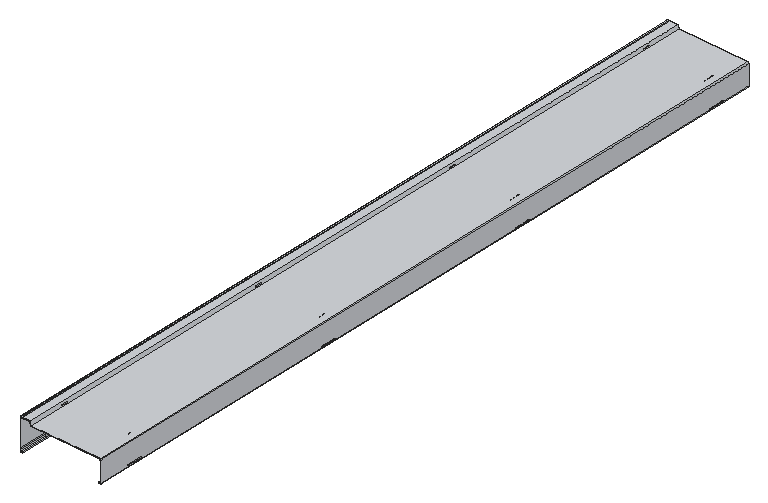
Revit family "ATBB200", category 一般モデル, Revit 2020
Family settings
  鉄筋をホスト可能 = いいえ
  丸型コネクタ寸法 = 直径を使用
  パーツ タイプ = 標準
  作業面ベース = いいえ
  常に垂直 = はい
  ロード時にボイドで切り取り = いいえ
  共有 = いいえ
  部屋計算ポイント = いいえ
Parameters
  笠木長さ [instance] = 2000 mm
  既定の高さ = 0 mm
  定尺笠木長さ = 4000 mm
  固定金具数 [instance] = 4
  判定 [instance] = if(笠木長さ > 4000 mm, 定尺笠木長さ, 笠木長さ)  # 2000 mm
Reference planes
  plane 1 "中心(正面/背面)": y = 0
  plane 2: z = 0
  plane 3 "中心(左/右)": x = 0
  plane 4: z = -43
  plane 5: x = -100
  plane 6: x = 100
  plane 7: y = -2000
  plane 8: y = -100
  plane 9: y = -1900
Forms (mm)
  Extrusion 1, solid
    sketch origin (-426, 0, -474.658) x (1, 0, 0) y (0, 0, 1)
      loop
        line (353.001, 499.632) -> (351, 509.781) -> (328.189, 511.492)
        arc (328.189, 511.492) -> (326.654, 510.981) -> (326, 509.501) r 2
        line (326, 509.501) -> (326, 432.158)
        arc (326, 432.158) -> (326.15, 431.801) -> (326.509, 431.658) r 0.5
        line (326.509, 431.658) -> (331.8, 431.658) -> (331.8, 433.458)
        arc (331.8, 433.458) -> (331.655, 433.81) -> (331.305, 433.958) r 0.5
        line (331.305, 433.958) -> (327.35, 433.958) -> (327.35, 438.933) -> (328, 442.735) -> (328, 507.345)
        arc (328, 507.345) -> (328.64, 508.811) -> (330.15, 509.34) r 2
        line (330.15, 509.34) -> (347.805, 508.015)
        arc (347.805, 508.015) -> (348.988, 507.519) -> (349.627, 506.407) r 2
        line (349.627, 506.407) -> (351.333, 497.752) -> (522.16, 484.941)
        arc (522.16, 484.941) -> (523.47, 484.303) -> (524, 482.947) r 2
        line (524, 482.947) -> (524, 444.45) -> (524.645, 440.985) -> (524.645, 433.958) -> (520.695, 433.958)
        arc (520.695, 433.958) -> (520.345, 433.81) -> (520.2, 433.458) r 0.5
        line (520.2, 433.458) -> (520.2, 431.658) -> (525.509, 431.658)
        arc (525.509, 431.658) -> (525.861, 431.812) -> (526, 432.171) r 0.5
        line (526, 432.171) -> (526, 484.831)
        arc (526, 484.831) -> (525.469, 486.161) -> (524.184, 486.795) r 2
        line (524.184, 486.795) -> (353.001, 499.632)
    from 0 to 2000
  Extrusion 2, solid, not visible
    sketch origin (0, 0, 0) x (1, 0, 0) y (0, 0, 1)
      loop
        line (353.001, 499.632) -> (351, 509.781) -> (328.189, 511.492)
        arc (328.189, 511.492) -> (326.654, 510.981) -> (326, 509.501) r 2
        line (326, 509.501) -> (326, 432.158)
        arc (326, 432.158) -> (326.15, 431.801) -> (326.509, 431.658) r 0.5
        line (326.509, 431.658) -> (331.8, 431.658) -> (331.8, 433.458)
        arc (331.8, 433.458) -> (331.655, 433.81) -> (331.305, 433.958) r 0.5
        line (331.305, 433.958) -> (327.35, 433.958) -> (327.35, 438.933) -> (328, 442.735) -> (328, 507.345)
        arc (328, 507.345) -> (328.64, 508.811) -> (330.15, 509.34) r 2
        line (330.15, 509.34) -> (347.805, 508.015)
        arc (347.805, 508.015) -> (348.988, 507.519) -> (349.627, 506.407) r 2
        line (349.627, 506.407) -> (351.333, 497.752) -> (522.16, 484.941)
        arc (522.16, 484.941) -> (523.47, 484.303) -> (524, 482.947) r 2
        line (524, 482.947) -> (524, 444.45) -> (524.645, 440.985) -> (524.645, 433.958) -> (520.695, 433.958)
        arc (520.695, 433.958) -> (520.345, 433.81) -> (520.2, 433.458) r 0.5
        line (520.2, 433.458) -> (520.2, 431.658) -> (525.509, 431.658)
        arc (525.509, 431.658) -> (525.861, 431.812) -> (526, 432.171) r 0.5
        line (526, 432.171) -> (526, 484.831)
        arc (526, 484.831) -> (525.469, 486.161) -> (524.184, 486.795) r 2
        line (524.184, 486.795) -> (353.001, 499.632)
    from 0 to 250
Dimensions and locks
  locked: plane 4 to plane 2 at 43
  plane 6 to plane 3 "中心(左/右)" = 100 mm
  locked: plane 5 to plane 3 "中心(左/右)" at 100
  plane 5 to plane 6 = 200 mm
  "笠木長さ": plane 7 to plane 1 "中心(正面/背面)"
  locked: plane 8 to plane 1 "中心(正面/背面)" at 100
  locked: plane 9 to plane 7 at 100
  locked: nested 1 to plane 1 "中心(正面/背面)" at 75
  equal spacing: group 2, group 4, group 5, group 3  (x2)
  equal spacing: group 3, group 5, group 4, group 2
  locked: nested 2 to plane 9 at 25
  "判定": Extrusion 1 to plane 1 "中心(正面/背面)"
  aligned and locked: level to plane 2
  aligned and locked: plane 5 to Extrusion 1
  aligned and locked: plane 4 to Extrusion 1
  aligned and locked: plane 7 to Extrusion 1
Automatic sketch dimensions
  plane 5 to Extrusion 1 sketch curve = 0 mm
  Extrusion 1 sketch curve to plane 4 = 0 mm  (x2)
  Extrusion 1 sketch curve to plane 5 = 0.5 mm
  Extrusion 1 sketch curve to Extrusion 1 sketch curve = 0.009 mm
  Extrusion 1 sketch curve to plane 5 = 1.35 mm
  Extrusion 1 sketch curve to plane 5 = 2 mm  (x2)
  Extrusion 1 sketch curve to Extrusion 1 sketch curve = 0.189 mm
  Extrusion 1 sketch curve to Extrusion 1 sketch curve = 2 mm
  Extrusion 1 sketch curve to plane 4 = 1.8 mm  (x2)
  Extrusion 1 sketch curve to Extrusion 1 sketch curve = 3.95 mm
  Extrusion 1 sketch curve to Extrusion 1 sketch curve = 0.005 mm  (x2)
  Extrusion 1 sketch curve to Extrusion 1 sketch curve = 0.5 mm  (x3)
  Extrusion 1 sketch curve to Extrusion 1 sketch curve = 17.664 mm
  Extrusion 1 sketch curve to Extrusion 1 sketch curve = 0.14 mm
  Extrusion 1 sketch curve to Extrusion 1 sketch curve = 3.195 mm
  Extrusion 1 sketch curve to Extrusion 1 sketch curve = 3.669 mm
  Extrusion 1 sketch curve to Extrusion 1 sketch curve = 1.668 mm
  plane 6 to Extrusion 1 sketch curve = 5.8 mm
  Extrusion 1 sketch curve to Extrusion 1 sketch curve = 0.495 mm
  plane 6 to Extrusion 1 sketch curve = 4 mm
  Extrusion 1 sketch curve to Extrusion 1 sketch curve = 0.16 mm
  Extrusion 1 sketch curve to Extrusion 1 sketch curve = 1.84 mm
  plane 6 to Extrusion 1 sketch curve = 2 mm
  plane 6 to Extrusion 1 sketch curve = 1.816 mm
  plane 6 to Extrusion 1 sketch curve = 1.355 mm
  plane 6 to Extrusion 1 sketch curve = 0.5 mm
  plane 6 to Extrusion 1 sketch curve = 0.491 mm
  plane 6 to Extrusion 1 sketch curve = 0 mm
  Extrusion 1 sketch curve to plane 4 = 0.5 mm  (x2)
  Extrusion 1 sketch curve to Extrusion 1 sketch curve = 1.8 mm
  Extrusion 1 sketch curve to Extrusion 1 sketch curve = 4.974 mm
  Extrusion 1 sketch curve to Extrusion 1 sketch curve = 7.027 mm
  Extrusion 1 sketch curve to Extrusion 1 sketch curve = 3.802 mm
  Extrusion 1 sketch curve to Extrusion 1 sketch curve = 3.465 mm
  level to Extrusion 1 sketch curve = 8.289 mm
  Extrusion 1 sketch curve to Extrusion 1 sketch curve = 1.856 mm
  Extrusion 1 sketch curve to Extrusion 1 sketch curve = 0.028 mm
  Extrusion 1 sketch curve to Extrusion 1 sketch curve = 0.138 mm
  level to Extrusion 1 sketch curve = 23.093 mm
  Extrusion 1 sketch curve to Extrusion 1 sketch curve = 1.881 mm
  Extrusion 1 sketch curve to Extrusion 1 sketch curve = 6.388 mm
  Extrusion 1 sketch curve to Extrusion 1 sketch curve = 1.325 mm
  Extrusion 1 sketch curve to Extrusion 1 sketch curve = 1.995 mm
  Extrusion 1 sketch curve to Extrusion 1 sketch curve = 2.156 mm
  Extrusion 1 sketch curve to Extrusion 1 sketch curve = 1.766 mm
  Extrusion 1 sketch curve to Extrusion 1 sketch curve = 1.991 mm
  Extrusion 1 sketch curve to Extrusion 1 sketch curve = 0 mm  (x12)
  Extrusion 1 sketch curve to Extrusion 1 sketch curve = 0.149 mm
  Extrusion 1 sketch curve to Extrusion 1 sketch curve = 1.962 mm
Nested families
  nested 1: "ATAF200" at (0, -75, 0), type "ATAF200"
  nested 2: "ATAF200" at (0, -1875, 0), type "ATAF200"
  nested 3: "ATAF200" at (0, -675, 0), type "ATAF200"
  nested 4: "ATAF200" at (0, -1275, 0), type "ATAF200"
Definition of nested family "ATAF200"
  Parameters
    Default Elevation = 0 mm
  Reference planes
    plane 1 "中心(正面/背面)": y = 0
    plane 2: z = 0
    plane 3 "中心(左/右)": x = 0
    plane 4: x = 98
    plane 5: x = -98
    plane 6: y = -25
    plane 7: y = -25
  Forms (mm)
    Extrusion 1, solid
      sketch origin (-222.718, 0, -151.614) x (1, 0, 0) y (0, 0, 1)
        loop
          line (295.268, 151.614) -> (295.268, 156.92)
          arc (295.268, 156.92) -> (296.271, 158.077) -> (297.76, 158.433) r 2.5
          line (297.76, 158.433) -> (307.173, 157.727)
          arc (307.173, 157.727) -> (309.51, 156.744) -> (310.786, 154.554) r 4
          line (310.786, 154.554) -> (318.968, 114.164) -> (318.968, 111.454) -> (320.218, 111.454)
          arc (320.218, 111.454) -> (320.572, 111.6) -> (320.718, 111.954) r 0.5
          line (320.718, 111.954) -> (320.718, 119.757) -> (312.968, 161.404) -> (291.463, 163.016) -> (290.968, 161.801) -> (290.968, 157.984)
          arc (290.968, 157.984) -> (290.36, 156.547) -> (288.905, 155.985) r 2
          line (288.905, 155.985) -> (272.314, 156.514) -> (255.672, 156.514) -> (232.249, 156.474) -> (230.022, 155.234) -> (222.318, 155.234) -> (214.537, 155.234) -> (212.238, 156.514) -> (184.167, 156.514) -> (172.312, 156.513) -> (160.756, 156.006)
          arc (160.756, 156.006) -> (159.286, 156.559) -> (158.668, 158.004) r 2
          line (158.668, 158.004) -> (158.663, 167.643) -> (157.668, 172.572) -> (133.665, 174.854) -> (123.918, 117.851) -> (123.918, 111.954)
          arc (123.918, 111.954) -> (124.065, 111.6) -> (124.418, 111.454) r 0.5
          line (124.418, 111.454) -> (125.489, 111.454) -> (135.85, 166.871)
          arc (135.85, 166.871) -> (137.375, 169.331) -> (140.16, 170.118) r 4
          line (140.16, 170.118) -> (152.305, 168.964)
          arc (152.305, 168.964) -> (153.918, 168.157) -> (154.568, 166.475) r 2.5
          line (154.568, 166.475) -> (154.568, 151.614) -> (295.268, 151.614)
      from 0 to 50
    Extrusion 2, solid, not visible
      sketch origin (-225.268, 0, -104.139) x (1, 0, 0) y (0, 0, 1)
        loop
          line (295.268, 151.614) -> (295.268, 156.92)
          arc (295.268, 156.92) -> (296.271, 158.077) -> (297.76, 158.433) r 2.5
          line (297.76, 158.433) -> (307.173, 157.727)
          arc (307.173, 157.727) -> (309.51, 156.744) -> (310.786, 154.554) r 4
          line (310.786, 154.554) -> (318.968, 114.164) -> (318.968, 111.454) -> (320.218, 111.454)
          arc (320.218, 111.454) -> (320.572, 111.6) -> (320.718, 111.954) r 0.5
          line (320.718, 111.954) -> (320.718, 119.757) -> (312.968, 161.404) -> (291.463, 163.016) -> (290.968, 161.801) -> (290.968, 157.984)
          arc (290.968, 157.984) -> (290.36, 156.547) -> (288.905, 155.985) r 2
          line (288.905, 155.985) -> (272.314, 156.514) -> (255.672, 156.514) -> (232.249, 156.474) -> (230.022, 155.234) -> (222.318, 155.234) -> (214.537, 155.234) -> (212.238, 156.514) -> (184.167, 156.514) -> (172.312, 156.513) -> (160.756, 156.006)
          arc (160.756, 156.006) -> (159.286, 156.559) -> (158.668, 158.004) r 2
          line (158.668, 158.004) -> (158.663, 167.643) -> (157.668, 172.572) -> (133.665, 174.854) -> (123.918, 117.851) -> (123.918, 111.954)
          arc (123.918, 111.954) -> (124.065, 111.6) -> (124.418, 111.454) r 0.5
          line (124.418, 111.454) -> (125.489, 111.454) -> (135.85, 166.871)
          arc (135.85, 166.871) -> (137.375, 169.331) -> (140.16, 170.118) r 4
          line (140.16, 170.118) -> (152.305, 168.964)
          arc (152.305, 168.964) -> (153.918, 168.157) -> (154.568, 166.475) r 2.5
          line (154.568, 166.475) -> (154.568, 151.614) -> (295.268, 151.614)
      from 0 to 50
  Dimensions and locks
    locked: Extrusion 1 to plane 6 at 25
    aligned and locked: level to plane 2
    aligned and locked: Extrusion 1 to plane 4
    aligned and locked: Extrusion 1 to level
